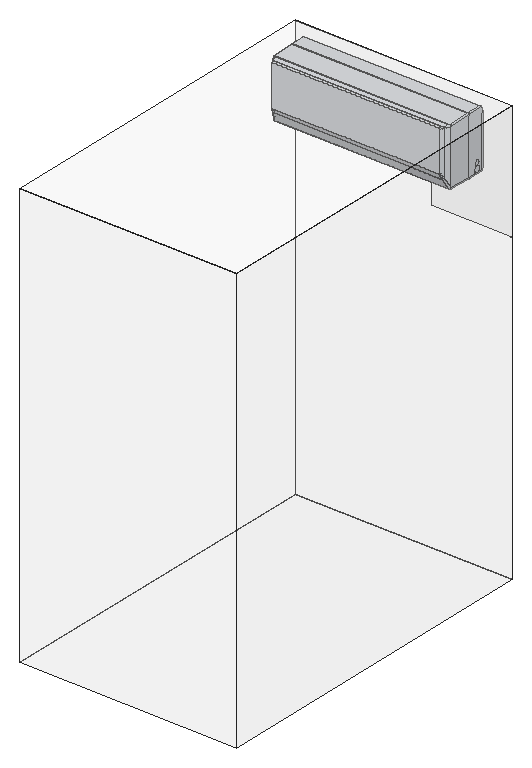
Revit family "pk-rp40_112(la)ka17_50Hz", category 機械設備, Revit 2019
Family settings
  丸型コネクタ寸法 = 直径を使用
  パーツ タイプ = 標準
  OmniClass 番号 = 23.75.10.24.21.27.27
  OmniClass タイトル = Split System Air Conditioning Units
  作業面ベース = いいえ
  常に垂直 = はい
  ロード時にボイドで切り取り = いいえ
  共有 = いいえ
  部屋計算ポイント = はい
Parameters (values of type "壁掛_PK-RP40LA")
  風量_静 (m3/min) = 6.8
  風量_強 (m3/min) = 10.7
  風量_弱 (m3/min) = 8.2
  風量_中 (m3/min) = 9.4
  風量 = MAX風量  # 642.0 m³/h
  音響パワーレベル（静）(dB) = 47
  音響パワーレベル（弱）(dB) = 51
  音響パワーレベル（中）(dB) = 54
  音響パワーレベル(dB) = 57
  電源種別 = ""
  電源_H = 0 mm
  電圧_電気ヒーター = 0 V
  電圧 = 200 V
  電動機出力_送風機 = 0.03 kW
  運転質量 = 0.00 kg
  連動 = ""
  質量 = if(製品質量 > 運転質量, 製品質量, 運転質量) * 1.2  # 15.00 kg
  負荷分類 = 3_ファン類
  構成品番 = "PK-RP40LA"
  壁掛_PK-RP80_112KA17 = no
  壁掛_PK-RP56_71KA17 = no
  壁掛_PK-RP40_50LA = yes
  冷媒液管位置-Z = 280 mm
  冷媒液管位置-Y = 35 mm
  冷媒液管位置-X = 711 mm
  冷媒ガス管位置-Z = 268 mm
  冷媒ガス管位置-Y = 35 mm
  冷媒ガス管位置-X = 642 mm
  ドレン管径 (外径) = 22 mm
  ドレン位置-Z = 245 mm
  ドレン位置-Y = 35 mm
  ドレン位置-X = 660 mm
  サービススペース PK-RP56KA～PK-RP71KA = no
  サービススペース PK-RP40LA～PK-RP50LA / PK-RP80KA～PK-RP112KA = yes
  URL = "https://www.mitsubishielectric.co.jp/ldg/wink/ssl/displayProduct.do?pid=311483"
  Space Top = 50 mm
  Space Right_1 = 260 mm
  Space Right = 150 mm
  Space Left = 50 mm
  Space Bot_2 = 250 mm
  Space Bot_1 = 7 mm
  MIN２風量 = [風量_静 (m3/min)] * 60.0 m³/h  # 408.0 m³/h
  MIN風量 = [風量_弱 (m3/min)] * 60.0 m³/h  # 492.0 m³/h
  MID風量 = [風量_中 (m3/min)] * 60.0 m³/h  # 564.0 m³/h
  MAX風量 = [風量_強 (m3/min)] * 60.0 m³/h  # 642.0 m³/h
  説明 = "店舗・事務所用パッケージエアコン(Mr.SLIM) 壁掛形<ワイヤード>"
  設計暖房能力 = 0.00 kW
  設計冷房能力_顕熱 = 0 kW
  設計冷房能力 = 0 kW
  設置方法 = "壁掛形"
  記号 = ""
  製造元 = "三菱電機株式会社"
  製品質量 = 12.50 kg
  製品出荷対象 = "国内"
  製品リリース年月 = "2021/05/10"
  製品グループ = ""
  系統 = ""
  符号 = "PAC_WR"
  積算_科目 = "1 空気調和設備"
  積算_拾い区分 [instance] = ""
  相 = 1
  盤記号 = ""
  発停方法 = "付属スイッチ"
  特殊仕様 = ""
  火災停止 = ""
  消費電力_電気ヒーター = 0.00 kW
  消費電力_暖房 = 0.03 kW
  消費電力_加湿器 = 0.00 kW
  消費電力_冷房 = 0.04 kW
  消費電力 = if(消費電力_冷房 > 消費電力_暖房, 消費電力_冷房, 消費電力_暖房) + 消費電力_加湿器 + 消費電力_電気ヒーター  # 0.04 kW
  法定耐用年数 = "6"
  極数 = 1
  材質 = ""
  本体マテリアル = none
  有効加湿量 = 0
  暖房能力 = 4.00 kW
  推奨ブレーカー容量 = 0 A
  形式_加湿器 = ""
  形式 = "壁掛（露出）形"
  幹線記号 = ""
  始動方式 = "直入"
  呼称 = "室内機_壁掛（露出）形"
  周波数 = 50 Hz
  吊り位置Y = 0 mm
  吊り位置X = 0 mm
  吊りボルト_H = 0 mm
  台数_手元リモコン = ""
  台数_冷媒分岐ユニット = ""
  参照している仕様書等のバージョン = "公共建築工事標準仕様書（機械設備工事編）平成31年度版"
  加湿給水管径 = 0.00 mm
  分類コード = "50053003123070"
  分類グループ = ""
  冷房能力 = 3.6 kW
  冷媒高低圧ガス管径 = 0.00 mm
  冷媒管径符号 = "Ac"
  冷媒管径 = 100.00 mm
  冷媒液管径 = 6.35 mm
  冷媒ガス管径 = 12.70 mm
  企業コード = "108420"
  付属品_フィルター = ""
  付属品 = ""
  仕様書バージョン = "Version1.0"
  Model = ""
  パネルマテリアル = none
  ドレン管径 = 16.00 mm
  サービススペース = yes
  コメント [instance] = ""
  ケーブル種類 = ""
  ケーブルサイズ = 0 mm
  Width = 898 mm
  Uniclass2015Version = "Systems v1.9"
  Uniclass2015Title = "Split coil remote air cooled condensing units"
  Uniclass2015Code = "Pr_70_65_03_84"
  SpecificationReference = ""
  SpecificationDescription = ""
  S_H = 356 mm
  Revision = ""
  ProductInformation = ""
  OmniClassCode = "23-33 17 13 11"
  IfcTypeProduct = ""
  IfcProduct = ""
  IfcExportType = "AIRCONDITIONINGUNIT"
  IfcExportAs = "IfcUnitaryEquipmentType"
  Height = 299 mm
  Depth = 237 mm
  価格 = 205000
  Clearance Top = 50 mm
  Clearance Right = 150 mm
  Clearance Left = 50 mm
  Clearance Front = 1500 mm
  Clearance Bottom = 1800 mm
  Clearance Back = 0 mm
  Author = "三菱電機株式会社"
Reference planes
  plane 1 "中心(正面/背面)": y = 0
  plane 2: z = 11
  plane 3 "中心(左/右)": x = 0
  plane 4: x = -449
  plane 5: x = 449
  plane 6: z = -288
  plane 7: y = -242
  plane 8: y = -5
  plane 9: x = -211
  plane 10: x = -193
  plane 11: x = -262
  plane 12: y = -40
  plane 13: y = -40
  plane 14: y = -40
  plane 15: z = -269
  plane 16: z = -257
  plane 17: z = -234
  plane 18: z = 61
  plane 19: x = -499
  plane 20: x = 599
  plane 21: z = -295
  plane 22: z = -538
  plane 23: x = 189
  plane 24: y = -1742
  plane 25: z = -2088
  plane 26: x = -499
  plane 27: x = 599
Forms (mm)
  Extrusion 1, solid
    sketch origin (-88.875, 0, -1713) x (-1, 0, 0) y (0, 0, 1)
      loop
        line (-487.875, 1574) -> (-487.875, 1549) -> (-462.875, 1549) -> (-462.875, 1574) -> (-487.875, 1574)
    from -1 to 0
  Extrusion 2, solid
    sketch origin (0, 0, 0) x (0, 1, 0) y (0, 0, 1)
      loop
        circle (-40, -234) r 11
    from 444 to 449
  Extrusion 3, solid
    sketch origin (0, 0, 0) x (0, 1, 0) y (0, 0, 1)
      loop
        circle (-40, -263) r 15
    from 444 to 449
Dimensions and locks
  equal spacing: plane 5, plane 3 "中心(左/右)", plane 4
  "Width": plane 5 to plane 4
  "Height": level to plane 6
  locked: plane 8 to plane 1 "中心(正面/背面)" at 5
  "Depth": plane 7 to plane 8
  "ドレン位置-X": plane 5 to plane 9
  "冷媒ガス管位置-X": plane 5 to plane 10
  "冷媒液管位置-X": plane 5 to plane 11
  "ドレン位置-Y": plane 14 to plane 8
  "冷媒ガス管位置-Y": plane 13 to plane 8
  "冷媒液管位置-Y": plane 12 to plane 8
  "ドレン位置-Z": level to plane 17
  "冷媒ガス管位置-Z": level to plane 16
  "冷媒液管位置-Z": level to plane 15
  "Space Top": plane 18 to level
  "Space Left": plane 4 to plane 19
  "Space Right": plane 20 to plane 5
  "Space Bot_1": plane 6 to plane 21
  "Space Bot_2": plane 6 to plane 22
  "Space Right_1": plane 5 to plane 23
  equal spacing: plane 16, Extrusion 3 sketch curve, plane 15
  equal spacing: plane 12, Extrusion 3 sketch curve, plane 13
  locked: plane 5 to Extrusion 3 at 5
  "Clearance Front": plane 24 to plane 7
  "Clearance Bottom": plane 6 to plane 25
  "Clearance Left": plane 4 to plane 26
  "Clearance Right": plane 27 to plane 5
  plane 5 to Extrusion 1 sketch curve = 50 mm
  nested 3 to Extrusion 1 sketch curve = 150 mm
  "S_H": nested 6 to plane 21
  "Clearance Top": nested 4 to plane 2
  "ドレン管径 (外径)": diameter of Extrusion 2 sketch curve
  aligned and locked: level to plane 2
  aligned and locked: plane 1 "中心(正面/背面)" to nested 1
  aligned and locked: plane 1 "中心(正面/背面)" to nested 2
  aligned and locked: plane 1 "中心(正面/背面)" to nested 3
  aligned and locked: level to nested 1
  aligned and locked: level to nested 3
  aligned and locked: plane 3 "中心(左/右)" to nested 2
  aligned and locked: plane 3 "中心(左/右)" to nested 1
  aligned and locked: plane 3 "中心(左/右)" to nested 3
  aligned and locked: plane 14 to Extrusion 2 sketch curve
  aligned and locked: plane 17 to Extrusion 2 sketch curve
  aligned and locked: plane 5 to Extrusion 3
  aligned and locked: plane 5 to Extrusion 2
  aligned and locked: Extrusion 2 to Extrusion 3
  aligned and locked: plane 1 "中心(正面/背面)" to nested 4
  aligned and locked: plane 24 to nested 4
  aligned and locked: plane 25 to nested 4
  aligned and locked: plane 26 to nested 4
  aligned and locked: plane 27 to nested 4
  aligned and locked: plane 18 to nested 4
  aligned and locked: plane 1 "中心(正面/背面)" to nested 5
  aligned and locked: plane 3 "中心(左/右)" to nested 5
  aligned and locked: plane 1 "中心(正面/背面)" to nested 6
  aligned and locked: plane 3 "中心(左/右)" to nested 6
  aligned and locked: plane 2 to nested 3
Automatic sketch dimensions
  Extrusion 1 sketch curve to plane 5 = 75 mm
  Extrusion 1 sketch curve to Extrusion 1 sketch curve = 25 mm
  radius of Extrusion 3 sketch curve = 15 mm
Nested families
  nested 1: "pk-rp40_50(la)ka17" at (0, 0, 10), type "壁掛_PK-RP40_50LA"
  nested 2: "pk-rp56_71(la)ka17" at (0, 0, 11), type "壁掛_PK-RP56_71KA17"
    with 壁掛_PK-RP56-71KA17 no
  nested 3: "pk-rp80_112(la)ka17" at (0, 0, 11), type "壁掛_PK-RP80_112KA17"
    with 壁掛_PK-RP80_112KA17 no, 冷媒液管径 6.35 mm, 冷媒ガス管径 12.70 mm
  nested 4: "サービススペース" at (50, -871, -1013.5), visible <- "サービススペース", type "サービススペース"
    with Width 1098 mm, Height 2149 mm, Depth 1742 mm
  nested 5: "Space View" at (0, 0, 11), Bot_1 <- "Space Bot_1", Bot_2 <- "Space Bot_2", Hight <- "Height", Left <- "Space Left", Right <- "Space Right", Right_1 <- "Space Right_1", Top <- "Space Top", Width <- "Width", Space View <- "サービススペース PK-RP40LA～PK-RP50LA / PK-RP80KA～PK-RP112KA", type "Space View"
    with Width 898 mm, Top 50 mm, Space View yes, Right_1 260 mm, Right 150 mm, Left 50 mm, Hight 299 mm, Bot_2 250 mm, Bot_1 7 mm
  nested 6: "Space View_1" at (0, 0, 11), Bot_1 <- "Space Bot_1", Hight <- "Height", Left <- "Space Left", Right <- "Space Right", Top <- "Space Top", Width <- "Width", Space View 1 <- "サービススペース PK-RP56KA～PK-RP71KA", type "Space View_1"
    with Width 898 mm, Top 50 mm, Space View 1 no, Right 150 mm, Left 50 mm, Hight 299 mm, Bot_1 7 mm
Connectors
  piping at (449, -40, -234), diameter 22, driven by "ドレン管径 (外径)"
    settings: on Extrusion 2, index 1, connector inside diameter 609.60 mm, connector length 0 mm, flow factor 0, pipe flow 0.0 L/s, pressure drop 0.0 Pa, fitting loss kfactor 0, connector angle 0.00°, fixture units 0, engagement length 0 mm, angle of deflection 0.00°, flow configuration 1, flow direction 2, fitting loss method 4, system type 16, joint type 0, gender type 0, connector reference index -1, connector utility 0, adjustable connector no, is connector primary yes, connector description ""
  piping at (449, -40, -263), diameter 100, driven by "冷媒管径", driven by "冷媒管径符号"
    settings: on Extrusion 3, index 2, connector inside diameter 609.60 mm, connector length 0 mm, flow factor 0, pipe flow 0.0 L/s, pressure drop 0.0 Pa, fitting loss kfactor 0, connector angle 0.00°, fixture units 0, engagement length 0 mm, angle of deflection 0.00°, flow configuration 1, flow direction 1, fitting loss method 4, system type 7, joint type 0, gender type 0, connector reference index -1, connector utility 0, adjustable connector no, is connector primary no, connector description "Ac"
  electrical at (386.5, 0, -151.5), driven by "極数", driven by "負荷分類", driven by "電圧", driven by "消費電力"
    settings: on Extrusion 1, index 3, voltage 200 V, apparent load 40 VA, apparent load phase1 0 VA, apparent load phase2 0 VA, apparent load phase3 0 VA, power factor 1, load classification "3_ファン類", number of poles 1, system type 30, power factor state 1, is connector primary yes, connector utility no, sub classification motor no, connector description ""
Definition of nested family "pk-rp40_50(la)ka17"
  Parameters (values of type "壁掛_PK-RP40_50LA")
    壁掛_PK-RP40_50LA = yes
    冷媒液管位置-Y = 35 mm
    冷媒液管位置-X = 711 mm
    冷媒ガス管位置-Y = 35 mm
    冷媒ガス管位置-X = 642 mm
    ドレン管径 (外径) = 22 mm
    ドレン位置-Y = 35 mm
    ドレン位置-X = 660 mm
    URL = ""
    Description = ""
    Manufacturer = ""
    冷媒管径符号 = "Ac"
    冷媒管径 = 100.00 mm
    冷媒液管位置-Z = 280 mm
    冷媒液管径 = 6.35 mm
    冷媒ガス管位置-Z = 268 mm
    冷媒ガス管径 = 12.70 mm
    Model = ""
    ドレン位置-Z = 245 mm
    ドレン管径 = 16.00 mm
    Width = 898 mm
    S_H = 356 mm
    Height = 299 mm
    Depth = 237 mm
    Cost = 0
  Reference planes
    plane 1 "中心(正面/背面)": y = 0
    plane 2: z = 1
    plane 3 "中心(左/右)": x = 0
    plane 4 "UNDER": z = -298
    plane 5 "Left": x = -449
    plane 6: x = 449
    plane 7 "Fkidasi_L": x = -400
    plane 8 "Fkidasi_X": x = -262
    plane 9 "Fkidasi_Y": x = -193
    plane 10: y = -5
    plane 11: y = -40
    plane 12: y = -242
    plane 13: z = -279
    plane 14: z = -267
    plane 15: z = -244
    plane 16: y = -40
    plane 17: y = -40
    plane 18: x = -211
    plane 19: z = 1
    plane 20: x = 0
    plane 21: x = 0
  Forms (mm)
    Extrusion 1, void
      sketch origin (0, 75, -2499) x (0, -1, 0) y (0, 0, 1)
        loop
          line (89, 2500) -> (80, 2500) -> (80, 2487) -> (89, 2500)
      from 449 to -449
    Extrusion 2, solid, visible <- "壁掛_PK-RP40_50LA"
      sketch origin (0, 0, -2509.072) x (-1, 0, 0) y (0, 0, 1)
        loop
          line (449, 2485.072) -> (-449, 2485.072) -> (-449, 2224.072) -> (449, 2224.072) -> (449, 2485.072)
      from 0 to -5
    Extrusion 3, solid, visible <- "壁掛_PK-RP40_50LA"
      sketch origin (0, -5, -2499) x (0, 0, -1) y (-1, 0, 0)
        loop
          line (-2500, 444) -> (-2500, -444)
          arc (-2500, -444) -> (-2498.536, -447.536) -> (-2495, -449) r 5
          line (-2495, -449) -> (-2206, -449)
          arc (-2206, -449) -> (-2202.464, -447.536) -> (-2201, -444) r 5
          line (-2201, -444) -> (-2201, 444)
          arc (-2201, 444) -> (-2202.464, 447.536) -> (-2206, 449) r 5
          line (-2206, 449) -> (-2495, 449)
          arc (-2495, 449) -> (-2498.536, 447.536) -> (-2500, 444) r 5
      from 0 to -83
    Blend 4, solid, visible <- "壁掛_PK-RP40_50LA"
      base sketch origin (0, -202, -1799) x (0, 0, 1) y (1, 0, 0)
        loop
          line (1796, -444) -> (1796, 444)
          arc (1796, 444) -> (1794.536, 447.536) -> (1791, 449) r 5
          line (1791, 449) -> (1515, 449)
          arc (1515, 449) -> (1508.636, 446.364) -> (1506, 440) r 9
          line (1506, 440) -> (1506, -440)
          arc (1506, -440) -> (1508.636, -446.364) -> (1515, -449) r 9
          line (1515, -449) -> (1791, -449)
          arc (1791, -449) -> (1794.536, -447.536) -> (1796, -444) r 5
      top sketch origin (0, -202, -1799) x (0, 0, 1) y (1, 0, 0)
        loop
          line (1793, -427) -> (1793, 427)
          arc (1793, 427) -> (1791.536, 430.536) -> (1788, 432) r 5
          line (1788, 432) -> (1559, 432)
          arc (1559, 432) -> (1555.464, 430.536) -> (1554, 427) r 5
          line (1554, 427) -> (1554, -427)
          arc (1554, -427) -> (1555.464, -430.536) -> (1559, -432) r 5
          line (1559, -432) -> (1788, -432)
          arc (1788, -432) -> (1791.536, -430.536) -> (1793, -427) r 5
      from 0 to -25
    Blend 5, solid, visible <- "壁掛_PK-RP40_50LA"
      base sketch origin (0, -227, -1799) x (0, 0, 1) y (1, 0, 0)
        loop
          arc (1793, 427) -> (1791.536, 430.536) -> (1788, 432) r 5
          line (1788, 432) -> (1559, 432)
          arc (1559, 432) -> (1555.464, 430.536) -> (1554, 427) r 5
          line (1554, 427) -> (1554, -427)
          arc (1554, -427) -> (1555.464, -430.536) -> (1559, -432) r 5
          line (1559, -432) -> (1788, -432)
          arc (1788, -432) -> (1791.536, -430.536) -> (1793, -427) r 5
          line (1793, -427) -> (1793, 427)
      top sketch origin (0, -227, -1799) x (0, 0, 1) y (1, 0, 0)
        loop
          line (1793, -419) -> (1793, 419)
          arc (1793, 419) -> (1791.536, 422.536) -> (1788, 424) r 5
          line (1788, 424) -> (1590, 424)
          arc (1590, 424) -> (1586.464, 422.536) -> (1585, 419) r 5
          line (1585, 419) -> (1585, -419)
          arc (1585, -419) -> (1586.464, -422.536) -> (1590, -424) r 5
          line (1590, -424) -> (1788, -424)
          arc (1788, -424) -> (1791.536, -422.536) -> (1793, -419) r 5
      from 0 to -15
    Blend 6, solid, visible <- "壁掛_PK-RP40_50LA"
      base sketch origin (62.5, -88, -1799) x (0, 0, 1) y (1, 0, 0)
        loop
          arc (1800, 381.5) -> (1798.536, 385.036) -> (1795, 386.5) r 5
          line (1795, 386.5) -> (1506, 386.5)
          arc (1506, 386.5) -> (1502.464, 385.036) -> (1501, 381.5) r 5
          line (1501, 381.5) -> (1501, -506.5)
          arc (1501, -506.5) -> (1502.464, -510.036) -> (1506, -511.5) r 5
          line (1506, -511.5) -> (1795, -511.5)
          arc (1795, -511.5) -> (1798.536, -510.036) -> (1800, -506.5) r 5
          line (1800, -506.5) -> (1800, 381.5)
      top sketch origin (62.5, -88, -1799) x (0, 0, 1) y (1, 0, 0)
        loop
          line (1796, -506.5) -> (1796, 381.5)
          arc (1796, 381.5) -> (1794.536, 385.036) -> (1791, 386.5) r 5
          line (1791, 386.5) -> (1511, 386.5)
          arc (1511, 386.5) -> (1507.464, 385.036) -> (1506, 381.5) r 5
          line (1506, 381.5) -> (1506, -502.5)
          arc (1506, -502.5) -> (1508.636, -508.864) -> (1515, -511.5) r 9
          line (1515, -511.5) -> (1791, -511.5)
          arc (1791, -511.5) -> (1794.536, -510.036) -> (1796, -506.5) r 5
      from 0 to -114
    Sweep 7, solid, visible <- "壁掛_PK-RP40_50LA", detail levels fine
      path origin (0, 75, -1799) x (-1, 0, 0) y (0, 0, 1)
        loop
          line (262, 1521) -> (-271, 1521)
      profile origin (4.5, 75, -278) x (0, 0, -1) y (0, 1, 0)
        loop
          circle (1, -115) r 3.175
    Sweep 8, solid, visible <- "壁掛_PK-RP40_50LA", detail levels fine
      path origin (0, 75, -1799) x (-1, 0, 0) y (0, 0, 1)
        loop
          line (-257, 1533) -> (193, 1533)
      profile origin (32, 75, -266) x (0, 0, 1) y (0, 1, 0)
        loop
          circle (-1, -115) r 6.35
    Sweep 9, solid, visible <- "壁掛_PK-RP40_50LA", detail levels fine
      path origin (0, 75, -1799) x (-1, 0, 0) y (0, 0, 1)
        loop
          line (211, 1556) -> (-289, 1556)
      profile origin (39, 75, -243) x (0, 0, -1) y (0, 1, 0)
        loop
          circle (1, -115) r 11
  Cuts and joins
    Extrusion 1 cuts Extrusion 3
  Lines and regions (mm)
    model lines, visible <- "壁掛_PK-RP40_50LA", detail levels fine
      curve 1: line (274, -5, -298) -> (274, -54, -298)
      curve 2: line (292, -72, -298) -> (331, -72, -298)
      curve 3: line (349, -54, -298) -> (349, -5, -298)
      curve 4: line (324, -54, -298) -> (324, -5, -298)
      curve 5: arc (292, -72, -298) -> (279.272, -66.728, -298) -> (274, -54, -298) r 18
      curve 6: arc (306, -72, -298) -> (318.728, -66.728, -298) -> (324, -54, -298) r 18
      curve 7: arc (331, -72, -298) -> (343.728, -66.728, -298) -> (349, -54, -298) r 18
      curve 8: line (-430, -5, -298) -> (-430, -54, -298)
      curve 9: line (-412, -72, -298) -> (-378, -72, -298)
      curve 10: line (-360, -54, -298) -> (-360, -5, -298)
      curve 11: line (-399.073, -53.123, -298) -> (-399.073, -5, -298)
      curve 12: arc (-412, -72, -298) -> (-424.728, -66.728, -298) -> (-430, -54, -298) r 18
      curve 13: arc (-399.073, -53.123, -298) -> (-394.55, -65.481, -298) -> (-383.118, -72, -298) r 19.145
      curve 14: arc (-360, -54, -298) -> (-365.272, -66.728, -298) -> (-378, -72, -298) r 18
      curve 15: line (366.5, -202, -293) -> (366.5, -208.929, -279.696)
      curve 16: line (366.5, -208.929, -279.696) -> (326.5, -208.929, -279.696)
      curve 17: line (326.5, -208.929, -279.696) -> (326.5, -202, -293)
      curve 18: line (326.5, -202, -293) -> (326.5, -188.513, -293.592)
      curve 19: line (326.5, -188.513, -293.592) -> (366.5, -188.513, -293.592)
      curve 20: line (366.5, -188.513, -293.592) -> (366.5, -202, -293)
      curve 21: line (449, -5, -229) -> (449, -52, -229)
      curve 22: line (449, -70, -247) -> (449, -70, -270)
      curve 23: line (449, -52, -288) -> (449, -5, -288)
      curve 24: line (449, -49.143, -241) -> (449, -5, -241)
      curve 25: arc (449, -52, -288) -> (449, -64.728, -282.728) -> (449, -70, -270) r 18
      curve 26: arc (449, -52, -229) -> (449, -64.728, -234.272) -> (449, -70, -247) r 18
      curve 27: arc (449, -70, -261.857) -> (449, -63.891, -247.109) -> (449, -49.143, -241) r 20.857
      curve 28: line (-449, -5, -288) -> (-449, -52, -288)
      curve 29: line (-449, -70, -270) -> (-449, -70, -236)
      curve 30: line (-449, -52, -218) -> (-449, -5, -218)
      curve 31: line (-449, -5, -238) -> (-449, -52, -238)
      curve 32: arc (-449, -52, -288) -> (-449, -64.728, -282.728) -> (-449, -70, -270) r 18
      curve 33: arc (-449, -70, -236) -> (-449, -64.728, -223.272) -> (-449, -52, -218) r 18
      curve 34: arc (-449, -70, -256) -> (-449, -64.728, -243.272) -> (-449, -52, -238) r 18
      curve 35: line (-400, -227, -245) -> (-400, -202, -293)
      curve 36: line (250, -227, -245) -> (250, -202, -293)
      curve 37: line (250, -202, -293) -> (250, -88, -298)
      curve 38: line (-400, -200.122, -293.082) -> (-400, -88, -298)
  Dimensions and locks
    "Width": plane 5 "Left" to plane 6
    plane 5 "Left" to plane 3 "中心(左/右)" to plane 6 = 449 mm, 449 mm
    equal spacing: plane 5 "Left", plane 3 "中心(左/右)", plane 6
    "Depth": plane 10 to plane 12
    "ドレン位置-Z": level to plane 15
    "冷媒ガス管位置-Z": level to plane 14
    "冷媒液管位置-Z": level to plane 13
    "Height": level to plane 4 "UNDER"
    "ドレン位置-Y": plane 10 to plane 17
    "冷媒ガス管位置-Y": plane 10 to plane 16
    "冷媒液管位置-Y": plane 10 to plane 11
    "冷媒液管位置-X": plane 6 to plane 8 "Fkidasi_X"
    "冷媒ガス管位置-X": plane 6 to plane 9 "Fkidasi_Y"
    "ドレン位置-X": plane 6 to plane 18
    locked: plane 10 to plane 1 "中心(正面/背面)" at 5
    "冷媒液管径": diameter of Sweep 7 sketch curve
    "冷媒ガス管径": diameter of Sweep 8 sketch curve
    "ドレン管径 (外径)": diameter of Sweep 9 sketch curve
    aligned and locked: level to plane 2
    aligned and locked: Sweep 8 to plane 9 "Fkidasi_Y"  (x2)
    aligned and locked: Sweep 7 to plane 8 "Fkidasi_X"
    aligned and locked: plane 12 to Blend 5
    aligned and locked: plane 15 to Sweep 9 sketch curve
    aligned and locked: plane 14 to Sweep 8 sketch curve
    aligned and locked: plane 13 to Sweep 7 sketch curve
    aligned and locked: plane 17 to Sweep 7 sketch curve
    aligned and locked: plane 16 to Sweep 8 sketch curve
    aligned and locked: plane 11 to Sweep 9 sketch curve
    aligned and locked: plane 20 to plane 3 "中心(左/右)"
    aligned and locked: plane 21 to plane 20
  Automatic sketch dimensions
    Extrusion 1 sketch curve to plane 10 = 0 mm
    Extrusion 1 sketch curve to plane 10 = 9 mm
    Extrusion 2 sketch curve to plane 6 = 0 mm
    plane 5 "Left" to Extrusion 2 sketch curve = 0 mm
    Extrusion 2 sketch curve to level = 286 mm
    Extrusion 3 sketch curve to plane 6 = 0 mm
    plane 5 "Left" to Extrusion 3 sketch curve = 0 mm
    Extrusion 3 sketch curve to level = 299 mm
    Extrusion 3 sketch curve to level = 294 mm  (x2)
    plane 5 "Left" to Blend 4 sketch curve = 0 mm
    Blend 4 sketch curve to plane 6 = 0 mm
    Blend 4 sketch curve to level = 294 mm
    Blend 4 sketch curve to Blend 4 sketch curve = 9 mm  (x2)
    Blend 4 sketch curve to plane 6 = 5 mm
    Blend 4 sketch curve to plane 6 = 22 mm
    Blend 4 sketch curve to level = 246 mm
    Blend 4 sketch curve to Blend 4 sketch curve = 5 mm  (x4)
    Blend 4 sketch curve to plane 5 "Left" = 22 mm
    Blend 5 sketch curve to level = 246 mm
    Blend 5 sketch curve to Blend 5 sketch curve = 5 mm  (x7)
    Blend 5 sketch curve to plane 5 "Left" = 17 mm
    Blend 5 sketch curve to plane 6 = 22 mm
    Blend 5 sketch curve to plane 7 "Fkidasi_L" = 19 mm
    Blend 5 sketch curve to level = 215 mm
    Blend 5 sketch curve to plane 6 = 30 mm
    Blend 6 sketch curve to level = 299 mm
    Blend 6 sketch curve to plane 6 = 0 mm  (x2)
    plane 5 "Left" to Blend 6 sketch curve = 0 mm  (x2)
    Blend 6 sketch curve to level = 294 mm  (x3)
    Blend 6 sketch curve to plane 6 = 5 mm  (x2)
    Blend 6 sketch curve to Blend 6 sketch curve = 9 mm
    curve 11 to Extrusion 3 = 0 mm
    curve 1 to Extrusion 3 = 0 mm
    curve 8 to Extrusion 3 = 0 mm
    curve 4 to Extrusion 3 = 0 mm
    curve 3 to Extrusion 3 = 0 mm
    curve 10 to Extrusion 3 = 0 mm
    curve 13 to Extrusion 3 = 34.877 mm
    curve 12 to curve 13 = 0.877 mm
    curve 10 to curve 13 = 0.877 mm
    curve 3 to Extrusion 3 = 34 mm
    curve 4 to curve 7 = 0 mm
    curve 9 to Extrusion 3 = 16 mm
    curve 2 to Extrusion 3 = 16 mm
    Extrusion 3 to curve 3 = 95 mm
    curve 7 to curve 4 = 7 mm
    curve 6 to curve 2 = 14 mm
    Extrusion 3 to curve 10 = 84 mm
    curve 14 to curve 13 = 1.927 mm
    curve 13 to curve 11 = 19.145 mm
    curve 13 to curve 12 = 12.927 mm
    curve 35 to Blend 4 = 0 mm
    Blend 4 to curve 35 = 0 mm
    Blend 4 to curve 36 = 0 mm
    curve 36 to Blend 4 = 0 mm
    curve 17 to Blend 4 = 0 mm
    curve 15 to Blend 4 = 0 mm
    Blend 4 to curve 17 = 15 mm
    curve 17 to Blend 4 = 106.857 mm
    curve 16 to curve 15 = 40 mm
    curve 36 to curve 17 = 76.5 mm
    curve 35 to curve 36 = 650 mm
    curve 38 to Blend 6 = 0 mm
    curve 37 to Blend 6 = 0 mm
    Blend 6 to curve 37 = 0 mm
    Blend 6 to curve 18 = 0 mm
    Blend 6 to curve 20 = 0 mm
    Blend 6 to curve 19 = 13.5 mm
    curve 19 to Blend 6 = 117.5 mm
    curve 18 to curve 19 = 40 mm
    curve 37 to curve 18 = 76.5 mm
    curve 38 to curve 37 = 650 mm
    Blend 6 to curve 38 = 1.879 mm
    curve 21 to Extrusion 3 = 0 mm
    curve 24 to Extrusion 3 = 0 mm
    curve 23 to Extrusion 3 = 0 mm
    curve 21 to curve 24 = 12 mm
    Extrusion 3 to curve 22 = 18 mm
    curve 24 to curve 22 = 6 mm
    curve 26 to curve 27 = 14.857 mm
    curve 27 to curve 25 = 8.143 mm
    curve 23 to Extrusion 3 = 5 mm
    curve 28 to Extrusion 3 = 0 mm
    curve 31 to Extrusion 3 = 0 mm
    curve 30 to Extrusion 3 = 0 mm
    curve 28 to Extrusion 3 = 5 mm
    curve 29 to Extrusion 3 = 23 mm
    curve 32 to curve 34 = 14 mm
    curve 34 to curve 31 = 18 mm
    curve 34 to curve 33 = 2 mm
    curve 33 to curve 30 = 18 mm
    Extrusion 3 to curve 32 = 36 mm
    Sweep 7 sketch curve to plane 8 "Fkidasi_X" = 0 mm
    Sweep 8 sketch curve to plane 9 "Fkidasi_Y" = 0 mm
    Sweep 9 sketch curve to plane 9 "Fkidasi_Y" = 18 mm
    Extrusion 1 sketch curve to level = 13 mm
    Extrusion 1 sketch curve to level = 0 mm
    Extrusion 2 sketch curve to level = 25 mm
    Extrusion 3 sketch curve to level = 5 mm  (x2)
    Extrusion 3 sketch curve to level = 0 mm
    Blend 4 sketch curve to level = 9 mm  (x2)
    Blend 4 sketch curve to level = 12 mm
    Blend 5 sketch curve to level = 12 mm  (x3)
    Blend 6 sketch curve to level = 5 mm  (x2)
    Blend 6 sketch curve to level = 0 mm
    Blend 6 sketch curve to level = 9 mm  (x2)
    plane 13 to Sweep 7 sketch curve = 1 mm
    plane 14 to Sweep 8 sketch curve = 1 mm
    plane 15 to Sweep 9 sketch curve = 1 mm
    curve 5 to curve 6 = 0 mm
    Sweep 7 sketch curve to plane 6 = 178 mm
    Sweep 8 sketch curve to plane 6 = 192 mm
    Sweep 9 sketch curve to plane 6 = 160 mm
    curve 22 to Extrusion 3 = 23 mm
Definition of nested family "サービススペース"
  Parameters (values of type "サービススペース")
    Width [instance] = 500 mm
    Height [instance] = 500 mm
    Depth [instance] = 500 mm
  Reference planes
    plane 1 "中心(正面/背面)": y = 0
    plane 2: z = 0
    plane 3 "中心(左/右)": x = 0
    plane 4: y = -250
    plane 5: x = 250
    plane 6: y = 250
    plane 7: x = -250
    plane 8: z = 250
    plane 9: z = -250
  Forms (mm)
    Extrusion 1, solid
      sketch origin (-638.939, 0, 72.39) x (1, 0, 0) y (0, 1, 0)
        loop
          line (388.939, 250) -> (388.939, -250) -> (888.939, -250) -> (888.939, 250) -> (388.939, 250)
      from -322.39 to 177.61
  Lines and regions (mm)
    symbolic lines
      curve 1: line (-250, 0, 250) -> (250, 0, 250)
      curve 2: line (-250, 0, -250) -> (-250, 0, 250)
      curve 3: line (250, 0, -250) -> (-250, 0, -250)
      curve 4: line (250, 0, 250) -> (250, 0, -250)
      curve 5: line (0, -250, 250) -> (0, 250, 250)
      curve 6: line (0, -250, -250) -> (0, -250, 250)
      curve 7: line (0, 250, -250) -> (0, -250, -250)
      curve 8: line (0, 250, 250) -> (0, 250, -250)
      curve 9: line (-250, 250, 0) -> (250, 250, 0)
      curve 10: line (-250, -250, 0) -> (-250, 250, 0)
      curve 11: line (250, -250, 0) -> (-250, -250, 0)
      curve 12: line (250, 250, 0) -> (250, -250, 0)
  Dimensions and locks
    equal spacing: plane 7, plane 3 "中心(左/右)", plane 5
    equal spacing: plane 4, plane 1 "中心(正面/背面)", plane 6
    "Depth": plane 4 to plane 6
    "Width": plane 7 to plane 5
    equal spacing: plane 8, plane 2, plane 9
    "Height": plane 8 to plane 9
    aligned and locked: plane 9 to curve 3
    aligned and locked: plane 7 to curve 2
    aligned and locked: curve 4 to plane 5
    aligned and locked: plane 5 to Extrusion 1
    aligned and locked: Extrusion 1 to plane 7
    aligned and locked: Extrusion 1 to plane 9
    aligned and locked: plane 8 to Extrusion 1
    aligned and locked: plane 9 to curve 7
  Automatic sketch dimensions
    plane 4 to Extrusion 1 sketch curve = 0 mm
    Extrusion 1 sketch curve to plane 7 = 0 mm
    Extrusion 1 sketch curve to plane 5 = 0 mm
    plane 6 to Extrusion 1 sketch curve = 0 mm
    curve 2 to plane 8 = 0 mm
    plane 4 to curve 11 = 0 mm
    curve 11 to plane 7 = 0 mm
    curve 11 to plane 5 = 0 mm
    plane 6 to curve 10 = 0 mm
    curve 7 to plane 4 = 0 mm
    curve 7 to plane 6 = 0 mm
    curve 6 to plane 8 = 0 mm
Definition of nested family "Space View"
  Parameters (values of type "Space View")
    Width [instance] = 898 mm
    Top [instance] = 50 mm
    Space View [instance] = yes
    Right_1 [instance] = 260 mm
    Right [instance] = 150 mm
    Left [instance] = 50 mm
    Hight [instance] = 299 mm
    Bot_2 [instance] = 250 mm
    Bot_1 [instance] = 7 mm
  Reference planes
    plane 1 "Center (Front/Back)": y = 0
    plane 2: z = 0
    plane 3 "Center (Left/Right)": x = 0
    plane 4: x = -499
    plane 5: z = 50
    plane 6: x = 599
    plane 7: z = -306
    plane 8: z = -549
    plane 9: x = -449
    plane 10: x = 449
    plane 11: z = -299
    plane 12: x = 189
  Forms (mm)
    Extrusion 1, solid, visible <- "Space View"
      sketch origin (0, 0, -1800) x (-1, 0, 0) y (0, 0, 1)
        loop
          line (499, 1850) -> (-599, 1850) -> (-599, 1251) -> (-189, 1251) -> (-189, 1494) -> (499, 1494) -> (499, 1850)
      from 0 to -1
  Dimensions and locks
    equal spacing: plane 10, plane 3 "Center (Left/Right)", plane 9
    "Width": plane 10 to plane 9
    "Right": plane 10 to plane 6
    "Left": plane 9 to plane 4
    "Hight": level to plane 11
    "Bot_1": plane 11 to plane 7
    "Bot_2": plane 11 to plane 8
    "Top": plane 5 to level
    "Right_1": plane 12 to plane 10
    aligned and locked: level to plane 2
    aligned and locked: Extrusion 1 to plane 4
    aligned and locked: plane 5 to Extrusion 1
    aligned and locked: plane 6 to Extrusion 1
    aligned and locked: plane 7 to Extrusion 1
    aligned and locked: plane 8 to Extrusion 1
    aligned and locked: plane 5 to Extrusion 1 sketch curve
    aligned and locked: Extrusion 1 sketch curve to plane 4
    aligned and locked: Extrusion 1 sketch curve to plane 7
    aligned and locked: Extrusion 1 sketch curve to plane 8
    aligned and locked: Extrusion 1 sketch curve to plane 6
    aligned and locked: plane 12 to Extrusion 1
  Automatic sketch dimensions
    plane 10 to Extrusion 1 sketch curve = 260 mm
Definition of nested family "pk-rp56_71(la)ka17"
  Parameters (values of type "壁掛_PK-RP56_71KA17")
    壁掛_PK-RP56-71KA17 = yes
    冷媒液管位置-Z = 250 mm
    冷媒液管位置-Y = 25 mm
    冷媒液管位置-X = 673 mm
    冷媒ガス管位置-Z = 270 mm
    冷媒ガス管位置-Y = 25 mm
    冷媒ガス管位置-X = 603 mm
    ドレン管径 (外径) = 22 mm
    ドレン位置-Z = 300 mm
    ドレン位置-Y = 25 mm
    ドレン位置-X = 733 mm
    URL = ""
    Description = ""
    Manufacturer = ""
    冷媒管径符号 = "Ac"
    冷媒管径 = 100.00 mm
    冷媒液管径 = 6.35 mm
    冷媒ガス管径 = 12.70 mm
    Model = ""
    ドレン管径 = 16.00 mm
    Width = 1100 mm
    S_H = 404 mm
    Height = 325 mm
    Depth = 258 mm
    Cost = 0
  Reference planes
    plane 1 "中心(正面/背面)": y = 0
    plane 2: z = 0
    plane 3 "中心(左/右)": x = 0
    plane 4 "TOP": z = 0
    plane 5 "UNDER": z = -325
    plane 6 "Left": x = -550
    plane 7: x = 550
    plane 8 "Fkidasi_V": z = -332
    plane 9 "Fkidasi_Z": z = -300
    plane 10 "Fkidasi_AA": z = -270
    plane 11 "Fkidasi_BB": z = -250
    plane 12: x = 377
    plane 13 "Fkidasi_CC": x = -183
    plane 14 "Fkidasi_DD": x = -123
    plane 15 "Fkidasi_EE": x = -53
    plane 16: y = -5
    plane 17: y = -263
    plane 18: y = -30
    plane 19: y = -30
    plane 20: y = -30
    plane 21: z = 0
    plane 22: x = 0
  Forms (mm)
    Sweep 1, solid, visible <- "壁掛_PK-RP56-71KA17", detail levels fine
      path origin (0, 85, -1776) x (-1, 0, 0) y (0, 0, 1)
        loop
          line (-377, 1506) -> (53, 1506)
      profile origin (162, 85, -270) x (0, 0, 1) y (0, 1, 0)
        loop
          circle (0, -115) r 6.35
    Sweep 2, solid, visible <- "壁掛_PK-RP56-71KA17", detail levels fine
      path origin (0, 85, -1744) x (-1, 0, 0) y (0, 0, 1)
        loop
          line (123, 1494) -> (-377, 1494)
      profile origin (127, 85, -250) x (0, 0, -1) y (0, 1, 0)
        loop
          circle (0, -115) r 3.175
    Sweep 3, solid, visible <- "壁掛_PK-RP56-71KA17", detail levels fine
      path origin (0, 75, -1850) x (-1, 0, 0) y (0, -1, 0)
        loop
          line (183, 105) -> (-377, 105)
      profile origin (97, -30, -1850) x (0, 1, 0) y (0, 0, 1)
        loop
          circle (0, 1550) r 11
    Extrusion 4, solid, visible <- "壁掛_PK-RP56-71KA17"
      sketch origin (-572, -4.93, 72) x (0, 0, -1) y (0, -1, 0)
        loop
          arc (72, 6.933) -> (72.338, 5.549) -> (73.277, 4.477) r 3
          line (73.277, 4.477) -> (78.269, 0.976)
          arc (78.269, 0.976) -> (79.634, 0.302) -> (81.14, 0.07) r 5
          line (81.14, 0.07) -> (93.863, 0.07) -> (93.863, -3.73)
          arc (93.863, -3.73) -> (94.214, -4.579) -> (95.063, -4.93) r 1.2
          line (95.063, -4.93) -> (382.983, -4.93)
          arc (382.983, -4.93) -> (383.752, -4.777) -> (384.402, -4.34) r 2
          line (384.402, -4.34) -> (391.687, 2.995) -> (393.576, 2.486) -> (396.064, 2.486) -> (396.064, 74.487) -> (397, 74.487) -> (396.249, 96.275)
          arc (396.249, 96.275) -> (386.433, 144.686) -> (361.405, 187.272) r 149.804
          arc (361.405, 187.272) -> (360.715, 187.808) -> (359.863, 187.999) r 2
          line (359.863, 187.999) -> (351.218, 187.999) -> (351.218, 189.494) -> (358.547, 189.494)
          arc (358.547, 189.494) -> (359.077, 189.813) -> (359.045, 190.43) r 0.6
          arc (359.045, 190.43) -> (356.535, 194.254) -> (354.116, 198.136) r 193.914
          arc (354.116, 198.136) -> (346.059, 210.496) -> (337.22, 222.309) r 228.274
          line (337.22, 222.309) -> (330.325, 231.46)
          arc (330.325, 231.46) -> (329.848, 231.872) -> (329.245, 232.052) r 1.5
          arc (329.245, 232.052) -> (268.628, 247.266) -> (206.817, 256.492) r 639.712
          arc (206.817, 256.492) -> (187.622, 257.823) -> (168.382, 258) r 320.323
          arc (168.382, 258) -> (152.854, 257.385) -> (137.36, 256.189) r 414.965
          arc (137.36, 256.189) -> (135.749, 255.382) -> (135.1, 253.701) r 2.5
          line (135.1, 253.701) -> (135.1, 238.591) -> (133.187, 234.008)
          arc (133.187, 234.008) -> (111.703, 220.588) -> (95.132, 201.429) r 84.941
          arc (95.132, 201.429) -> (91.762, 195.916) -> (88.556, 190.306) r 219.053
          arc (88.556, 190.306) -> (88.564, 189.763) -> (89.035, 189.494) r 0.547
          line (89.035, 189.494) -> (93.338, 189.494) -> (92.464, 187.999) -> (86.86, 187.999)
          arc (86.86, 187.999) -> (86.322, 187.842) -> (85.953, 187.421) r 1
          arc (85.953, 187.421) -> (81.274, 174.893) -> (78.608, 161.789) r 85.448
          arc (78.608, 161.789) -> (73.655, 125.49) -> (72, 88.891) r 405.418
          line (72, 88.891) -> (72, 6.933)
      from -1122 to -22
  Lines and regions (mm)
    model lines, visible <- "壁掛_PK-RP56-71KA17", detail levels fine
      curve 1: line (550, -79.418, -324.064) -> (550, -79.418, 0)
      curve 2: line (550, 0, -241.868) -> (550, -79.418, -241.868)
      curve 3: line (550, 0, -243.128) -> (550, -64.595, -243.128)
      curve 4: line (550, -72.595, -251.128) -> (550, -72.595, -311.603)
      curve 5: line (550, -64.595, -319.603) -> (550, -7.841, -319.603)
      curve 6: arc (550, -64.595, -243.128) -> (550, -70.251, -245.471) -> (550, -72.595, -251.128) r 8
      curve 7: arc (550, -72.595, -311.603) -> (550, -70.251, -317.26) -> (550, -64.595, -319.603) r 8
      curve 8: line (-550, -79.418, -324.064) -> (-550, -79.418, 0)
      curve 9: line (-550, 0, -241.868) -> (-550, -79.418, -241.868)
      curve 10: line (-550, 0, -243.128) -> (-550, -64.595, -243.128)
      curve 11: line (-550, -72.595, -251.128) -> (-550, -72.595, -311.603)
      curve 12: line (-550, -64.595, -319.603) -> (-550, -7.841, -319.603)
      curve 13: arc (-550, -64.595, -243.128) -> (-550, -70.251, -245.471) -> (-550, -72.595, -251.128) r 8
      curve 14: arc (-550, -72.595, -311.603) -> (-550, -70.251, -317.26) -> (-550, -64.595, -319.603) r 8
  Dimensions and locks
    equal spacing: plane 7, plane 3 "中心(左/右)", plane 6 "Left"
    "Width": plane 6 "Left" to plane 7
    "Height": plane 5 "UNDER" to plane 4 "TOP"
    plane 8 "Fkidasi_V" to plane 5 "UNDER" = 7 mm
    plane 12 to plane 7 = 173 mm
    plane 12 to plane 13 "Fkidasi_CC" = 560 mm
    "冷媒液管位置-Z": plane 4 "TOP" to plane 11 "Fkidasi_BB"
    "冷媒ガス管位置-Z": plane 4 "TOP" to plane 10 "Fkidasi_AA"
    "ドレン位置-Z": plane 4 "TOP" to plane 9 "Fkidasi_Z"
    equal spacing: plane 6 "Left", plane 3 "中心(左/右)", plane 7
    plane 5 "UNDER" to plane 8 "Fkidasi_V" = 7 mm
    locked: plane 16 to plane 1 "中心(正面/背面)" at 5
    "Depth": plane 17 to plane 16
    "ドレン位置-Y": plane 18 to plane 16
    "冷媒ガス管位置-Y": plane 19 to plane 16
    "冷媒液管位置-Y": plane 20 to plane 16
    "冷媒ガス管位置-X": plane 7 to plane 15 "Fkidasi_EE"
    "冷媒液管位置-X": plane 7 to plane 14 "Fkidasi_DD"
    "ドレン位置-X": plane 7 to plane 13 "Fkidasi_CC"
    "冷媒ガス管径": diameter of Sweep 1 sketch curve
    "冷媒液管径": diameter of Sweep 2 sketch curve
    "ドレン管径 (外径)": diameter of Sweep 3 sketch curve
    aligned and locked: level to plane 2
    aligned and locked: plane 15 "Fkidasi_EE" to Sweep 1 sketch curve
    aligned and locked: plane 9 "Fkidasi_Z" to Sweep 3 sketch curve
    aligned and locked: plane 10 "Fkidasi_AA" to Sweep 1 sketch curve
    aligned and locked: plane 11 "Fkidasi_BB" to Sweep 2 sketch curve
    aligned and locked: plane 18 to Sweep 1 sketch curve
    aligned and locked: plane 19 to Sweep 2 sketch curve
    aligned and locked: plane 20 to Sweep 3 sketch curve
    aligned and locked: Sweep 2 to plane 14 "Fkidasi_DD"
    aligned and locked: Sweep 3 to plane 13 "Fkidasi_CC"
    aligned and locked: plane 15 "Fkidasi_EE" to Sweep 1
    aligned and locked: plane 22 to plane 3 "中心(左/右)"
  Automatic sketch dimensions
    Sweep 1 sketch curve to plane 10 "Fkidasi_AA" = 0 mm
    Sweep 1 sketch curve to plane 12 = 0 mm
    Sweep 2 sketch curve to plane 11 "Fkidasi_BB" = 0 mm
    Sweep 2 sketch curve to plane 12 = 0 mm
    plane 14 "Fkidasi_DD" to Sweep 2 sketch curve = 0 mm
    Sweep 3 sketch curve to plane 12 = 0 mm
    Sweep 3 sketch curve to plane 13 "Fkidasi_CC" = 0 mm
    Extrusion 4 sketch curve to Extrusion 4 sketch curve = 1.277 mm
    Extrusion 4 sketch curve to Extrusion 4 sketch curve = 4.991 mm
    Extrusion 4 sketch curve to Extrusion 4 sketch curve = 2.871 mm
    Extrusion 4 sketch curve to Extrusion 4 sketch curve = 2.175 mm
    Extrusion 4 sketch curve to Extrusion 4 sketch curve = 3.429 mm
    Extrusion 4 sketch curve to Extrusion 4 sketch curve = 0.874 mm
    Extrusion 4 sketch curve to Extrusion 4 sketch curve = 12.723 mm
    Extrusion 4 sketch curve to Extrusion 4 sketch curve = 1.2 mm
    Extrusion 4 sketch curve to Extrusion 4 sketch curve = 39.849 mm
    Extrusion 4 sketch curve to Extrusion 4 sketch curve = 1.913 mm
    Extrusion 4 sketch curve to Extrusion 4 sketch curve = 2.5 mm
    Extrusion 4 sketch curve to Extrusion 4 sketch curve = 86.959 mm
    Extrusion 4 sketch curve to Extrusion 4 sketch curve = 4.457 mm
    Extrusion 4 sketch curve to Extrusion 4 sketch curve = 3.528 mm
    Extrusion 4 sketch curve to Extrusion 4 sketch curve = 79.998 mm
    Extrusion 4 sketch curve to Extrusion 4 sketch curve = 1.973 mm
    Extrusion 4 sketch curve to Extrusion 4 sketch curve = 87.575 mm
    Extrusion 4 sketch curve to Extrusion 4 sketch curve = 33.791 mm
    Extrusion 4 sketch curve to Extrusion 4 sketch curve = 1.198 mm
    Extrusion 4 sketch curve to Extrusion 4 sketch curve = 6.896 mm
    Extrusion 4 sketch curve to Extrusion 4 sketch curve = 13.997 mm
    Extrusion 4 sketch curve to Extrusion 4 sketch curve = 7.329 mm
    Extrusion 4 sketch curve to Extrusion 4 sketch curve = 1.315 mm
    Extrusion 4 sketch curve to Extrusion 4 sketch curve = 7.285 mm
    Extrusion 4 sketch curve to Extrusion 4 sketch curve = 1.888 mm
    Extrusion 4 sketch curve to Extrusion 4 sketch curve = 2.489 mm
    Extrusion 4 sketch curve to Extrusion 4 sketch curve = 0.936 mm
    Extrusion 4 sketch curve to Extrusion 4 sketch curve = 94.621 mm
    Extrusion 4 sketch curve to Extrusion 4 sketch curve = 223.194 mm
    Extrusion 4 sketch curve to Extrusion 4 sketch curve = 3.8 mm
    Extrusion 4 sketch curve to Extrusion 4 sketch curve = 71.493 mm
    Extrusion 4 sketch curve to Extrusion 4 sketch curve = 81.958 mm
    Extrusion 4 sketch curve to Extrusion 4 sketch curve = 6.682 mm
    Extrusion 4 sketch curve to Extrusion 4 sketch curve = 21.787 mm
    Extrusion 4 sketch curve to Extrusion 4 sketch curve = 71.636 mm
    Extrusion 4 sketch curve to Extrusion 4 sketch curve = 4.708 mm
    Extrusion 4 sketch curve to Extrusion 4 sketch curve = 89.724 mm
    Extrusion 4 sketch curve to Extrusion 4 sketch curve = 35.644 mm
    Extrusion 4 sketch curve to Extrusion 4 sketch curve = 2 mm
    Extrusion 4 sketch curve to Extrusion 4 sketch curve = 1 mm
    Extrusion 4 sketch curve to Extrusion 4 sketch curve = 1.496 mm  (x2)
    Extrusion 4 sketch curve to Extrusion 4 sketch curve = 0.547 mm
    Extrusion 4 sketch curve to Extrusion 4 sketch curve = 0.6 mm
    Extrusion 4 sketch curve to Extrusion 4 sketch curve = 32.814 mm
    Extrusion 4 sketch curve to Extrusion 4 sketch curve = 8.248 mm
    Extrusion 4 sketch curve to Extrusion 4 sketch curve = 0.903 mm
    Extrusion 4 sketch curve to Extrusion 4 sketch curve = 44.514 mm
    Extrusion 4 sketch curve to Extrusion 4 sketch curve = 4.583 mm
    Extrusion 4 sketch curve to Extrusion 4 sketch curve = 15.11 mm
    Extrusion 4 sketch curve to Extrusion 4 sketch curve = 111.458 mm
    Extrusion 4 sketch curve to Extrusion 4 sketch curve = 8.252 mm
    Extrusion 4 sketch curve to Extrusion 4 sketch curve = 0 mm  (x5)
    curve 1 to Extrusion 4 = 0 mm  (x2)
    Extrusion 4 to curve 1 = 0 mm
    curve 2 to Extrusion 4 = 0 mm
    curve 3 to Extrusion 4 = 0 mm
    curve 5 to Extrusion 4 = 0 mm
    curve 3 to Extrusion 4 = 14.823 mm
    Extrusion 4 to curve 3 = 36.09 mm
    curve 4 to Extrusion 4 = 6.823 mm
    Extrusion 4 to curve 4 = 12.461 mm
    Extrusion 4 to curve 5 = 4.461 mm
    curve 2 to curve 3 = 1.26 mm
    curve 8 to Extrusion 4 = 0 mm
    curve 9 to Extrusion 4 = 0 mm  (x2)
    curve 10 to Extrusion 4 = 0 mm
    Extrusion 4 to curve 12 = 0 mm
    Extrusion 4 to curve 8 = 0 mm
    Extrusion 4 to curve 10 = 14.823 mm
    curve 10 to Extrusion 4 = 36.09 mm
    Extrusion 4 to curve 11 = 6.823 mm
    curve 11 to Extrusion 4 = 12.461 mm
    curve 12 to Extrusion 4 = 4.461 mm
    curve 9 to curve 10 = 1.26 mm
    Extrusion 4 sketch curve to level = 0 mm
    Extrusion 4 sketch curve to Extrusion 4 sketch curve = 3 mm
    Extrusion 4 sketch curve to level = 14.86 mm
    Extrusion 4 sketch curve to level = 71.398 mm
    Extrusion 4 sketch curve to plane 11 "Fkidasi_BB" = 7.127 mm
    plane 1 "中心(正面/背面)" to Extrusion 4 sketch curve = 2 mm
    plane 5 "UNDER" to Extrusion 4 sketch curve = 14.017 mm
    plane 1 "中心(正面/背面)" to Extrusion 4 sketch curve = 0.591 mm
    Extrusion 4 sketch curve to Extrusion 4 sketch curve = 1.419 mm
    plane 5 "UNDER" to Extrusion 4 sketch curve = 0.751 mm
    Extrusion 4 sketch curve to plane 8 "Fkidasi_V" = 73.418 mm
    Extrusion 4 sketch curve to plane 8 "Fkidasi_V" = 115.898 mm
    Extrusion 4 sketch curve to plane 1 "中心(正面/背面)" = 57.323 mm
    plane 1 "中心(正面/背面)" to Extrusion 4 sketch curve = 7.416 mm
    Extrusion 4 sketch curve to Extrusion 4 sketch curve = 0.509 mm
    Extrusion 4 sketch curve to Extrusion 4 sketch curve = 0.906 mm
    Extrusion 4 sketch curve to Extrusion 4 sketch curve = 3.501 mm
    plane 1 "中心(正面/背面)" to Extrusion 4 sketch curve = 84.649 mm
    plane 1 "中心(正面/背面)" to Extrusion 4 sketch curve = 89.365 mm
    plane 16 to Sweep 3 sketch curve = 25 mm
Definition of nested family "pk-rp80_112(la)ka17"
  Parameters (values of type "壁掛_PK-RP80_112KA17")
    壁掛_PK-RP80_112KA17 = yes
    冷媒液管位置-Z = 312 mm
    冷媒液管位置-Y = 30 mm
    冷媒液管位置-X = 636 mm
    冷媒ガス管位置-Z = 333 mm
    冷媒ガス管位置-Y = 25 mm
    冷媒ガス管位置-X = 567 mm
    ドレン管径 (外径) = 22 mm
    ドレン位置-Z = 347 mm
    ドレン位置-Y = 61 mm
    ドレン位置-X = 719 mm
    URL = ""
    Space View = yes
    Description = ""
    Manufacturer = ""
    冷媒管径符号 = "Bd"
    冷媒管径 = 100.00 mm
    冷媒液管径 = 9.52 mm
    冷媒ガス管径 = 15.88 mm
    Model = ""
    ドレン管径 = 16.00 mm
    Width = 1170 mm
    S_H = 356 mm
    Height = 365 mm
    Depth = 295 mm
    Cost = 0
  Reference planes
    plane 1 "中心(正面/背面)": y = 0
    plane 2: z = -365
    plane 3 "中心(左/右)": x = 0
    plane 4: y = -300
    plane 5 "TOP": z = 0
    plane 6 "UNDER": z = -365
    plane 7 "Left": x = -585
    plane 8: x = 585
    plane 9 "Fkidasi_W": x = 365
    plane 10 "Fkidasi_Z": z = -312
    plane 11 "Fkidasi_AA": z = -347
    plane 12 "Fkidasi_BB": z = -333
    plane 13 "Fkidasi_CC": x = 451
    plane 14 "Fkidasi_DD": x = -134
    plane 15 "Fkidasi_EE": x = 462
    plane 16 "Fkidasi_FF": x = 18
    plane 17 "Fkidasi_GG": x = -51
    plane 18 "Fkidasi_HH": x = 431
    plane 19: y = -5
    plane 20: y = -66
    plane 21: y = -30
    plane 22: y = -35
    plane 23: z = 0
    plane 24: x = 0
  Forms (mm)
    Extrusion 1, solid, visible <- "壁掛_PK-RP80_112KA17"
      sketch origin (0, 75, -2171.263) x (0, -1, 0) y (0, 0, 1)
        loop
          line (86.097, 2171.263) -> (83.331, 2165.477) -> (82.548, 2163.848) -> (80.491, 2159.56)
          arc (80.491, 2159.56) -> (80.124, 2158.506) -> (80, 2157.398) r 5
          line (80, 2157.398) -> (80, 2149.317) -> (76.612, 2149.317)
          arc (76.612, 2149.317) -> (75.472, 2148.844) -> (75, 2147.705) r 1.612
          line (75, 2147.705) -> (75, 1905.143) -> (75, 1848.295) -> (75, 1813.941)
          arc (75, 1813.941) -> (75.266, 1812.881) -> (76, 1812.073) r 2.245
          line (76, 1812.073) -> (80, 1809.442) -> (80, 1806.263) -> (109.248, 1806.263) -> (116.539, 1806.263) -> (126.266, 1806.263) -> (144.693, 1806.263) -> (146.251, 1806.048) -> (161.563, 1806.578)
          arc (161.563, 1806.578) -> (252.704, 1817.292) -> (339.762, 1846.314) r 448.951
          line (339.762, 1846.314) -> (339.762, 1855.201)
          arc (339.762, 1855.201) -> (340.231, 1856.488) -> (341.418, 1857.17) r 1.996
          line (341.418, 1857.17) -> (343.962, 1857.609) -> (343.962, 1860.233) -> (344.79, 1860.415) -> (344.79, 1858.589) -> (348.32, 1856.594) -> (359.447, 1859.05) -> (360.333, 1859.502) -> (375, 1879.225) -> (375, 2123.862) -> (374.019, 2124.843) -> (359.92, 2125.334) -> (348.32, 2125.734) -> (346.812, 2124.612) -> (346.812, 2121.6)
          arc (346.812, 2121.6) -> (345.546, 2122.291) -> (344.529, 2123.312) r 5.03
          line (344.529, 2123.312) -> (339.959, 2129.454) -> (339.409, 2130.888)
          arc (339.409, 2130.888) -> (247.501, 2161.202) -> (151.269, 2171.46) r 456.5
          line (151.269, 2171.46) -> (148.356, 2171.46) -> (146.253, 2171.46) -> (144.742, 2171.263) -> (126.266, 2171.263) -> (116.539, 2171.263) -> (109.248, 2171.263) -> (97.013, 2171.263) -> (86.097, 2171.263)
      from -585 to 585
    Extrusion 2, solid, visible <- "壁掛_PK-RP80_112KA17", detail levels fine
      sketch origin (451, 111, -2165.198) x (0, 0, -1) y (0, -1, 0)
        loop
          circle (-1818.198, 177) r 11
      from 0 to 585
    Extrusion 3, solid, visible <- "壁掛_PK-RP80_112KA17", detail levels fine
      sketch origin (431, 80, -2140.198) x (0, 0, -1) y (0, -1, 0)
        loop
          circle (-1828.198, 115) r 4.76
      from 0 to 482
    Extrusion 4, solid, visible <- "壁掛_PK-RP80_112KA17", detail levels fine
      sketch origin (462, 75, -2149.198) x (0, 0, -1) y (0, -1, 0)
        loop
          circle (-1816.198, 105) r 7.94
      from 0 to 444
  Lines and regions (mm)
    model lines, visible <- "壁掛_PK-RP80_112KA17", detail levels fine
      curve 1: line (-585, 0, -280.2) -> (-585, -62, -280.2)
      curve 2: line (-585, 0, -357.2) -> (-585, -62, -357.2)
      curve 3: line (-585, -70, -288.2) -> (-585, -70, -349.2)
      curve 4: arc (-585, -62, -280.2) -> (-585, -67.657, -282.543) -> (-585, -70, -288.2) r 8
      curve 5: arc (-585, -62, -357.2) -> (-585, -67.657, -354.857) -> (-585, -70, -349.2) r 8
      curve 6: line (-585, 0, -290.2) -> (-585, -62, -290.2)
      curve 7: arc (-585, -62, -290.2) -> (-585, -66.969, -291.833) -> (-585, -70, -296.095) r 8.376
      curve 8: line (565, -5, -365) -> (565, -62, -365)
      curve 9: line (557, -70, -365) -> (502.618, -70, -365)
      curve 10: line (488, -35.714, -365) -> (488, -5, -365)
      curve 11: arc (565, -62, -365) -> (562.657, -67.657, -365) -> (557, -70, -365) r 8
      curve 12: arc (522.286, -70, -365) -> (498.042, -59.958, -365) -> (488, -35.714, -365) r 34.286
      curve 13: line (478, -37.522, -365) -> (478, -5, -365)
      curve 14: arc (502.618, -70, -365) -> (484.85, -57.899, -365) -> (478, -37.522, -365) r 33.733
      curve 15: line (-565, -5, -365) -> (-565, -62, -365)
      curve 16: line (-557, -70, -365) -> (-513.614, -70, -365)
      curve 17: line (-499, -35.714, -365) -> (-499, -5, -365)
      curve 18: arc (-565, -62, -365) -> (-562.657, -67.657, -365) -> (-557, -70, -365) r 8
      curve 19: arc (-533.286, -70, -365) -> (-509.042, -59.958, -365) -> (-499, -35.714, -365) r 34.286
      curve 20: line (-488, -37.282, -365) -> (-488, -5, -365)
      curve 21: arc (-513.614, -70, -365) -> (-495.165, -58.058, -365) -> (-488, -37.282, -365) r 33.703
      curve 22: line (585, -115, -363.295) -> (585, -115, -1.664)
      curve 23: line (585, -115, -240.2) -> (585, -1, -240.2)
      curve 24: line (-585, -115, -240.2) -> (-585, -1, -240.2)
      curve 25: line (585, 0, -280.2) -> (585, -62, -280.2)
      curve 26: line (585, 0, -357.2) -> (585, -62, -357.2)
      curve 27: line (585, -70, -288.2) -> (585, -70, -349.2)
      curve 28: arc (585, -62, -280.2) -> (585, -67.657, -282.543) -> (585, -70, -288.2) r 8
      curve 29: arc (585, -62, -357.2) -> (585, -67.657, -354.857) -> (585, -70, -349.2) r 8
      curve 30: line (585, 0, -290.2) -> (585, -62, -290.2)
      curve 31: arc (585, -62, -290.2) -> (585, -66.969, -291.833) -> (585, -70, -296.095) r 8.376
      curve 32: line (-585, -115, -363.295) -> (-585, -115, -1.664)
  Dimensions and locks
    plane 8 to plane 13 "Fkidasi_CC" = 134 mm
    plane 8 to plane 18 "Fkidasi_HH" = 154 mm
    plane 8 to plane 15 "Fkidasi_EE" = 123 mm
    "Height": plane 6 "UNDER" to plane 5 "TOP"
    equal spacing: plane 7 "Left", plane 3 "中心(左/右)", plane 8
    "Width": plane 7 "Left" to plane 8
    "冷媒液管位置-Z": plane 5 "TOP" to plane 10 "Fkidasi_Z"
    "冷媒ガス管位置-Z": plane 5 "TOP" to plane 12 "Fkidasi_BB"
    "ドレン位置-Z": plane 5 "TOP" to plane 11 "Fkidasi_AA"
    plane 19 to plane 1 "中心(正面/背面)" = 5 mm
    plane 7 "Left" to plane 3 "中心(左/右)" to plane 8 = 585 mm, 585 mm
    plane 1 "中心(正面/背面)" to plane 20 = 66 mm
    plane 1 "中心(正面/背面)" to plane 21 = 30 mm
    plane 1 "中心(正面/背面)" to plane 22 = 35 mm
    "Depth": plane 19 to plane 4
    locked: plane 19 to plane 1 "中心(正面/背面)" at 5
    "冷媒液管位置-Y": plane 22 to plane 19
    "冷媒ガス管位置-Y": plane 21 to plane 19
    "ドレン位置-Y": plane 20 to plane 19
    "ドレン位置-X": plane 8 to plane 14 "Fkidasi_DD"
    "冷媒液管位置-X": plane 8 to plane 17 "Fkidasi_GG"
    "冷媒ガス管位置-X": plane 8 to plane 16 "Fkidasi_FF"
    "冷媒液管径": diameter of Extrusion 3 sketch curve
    "冷媒ガス管径": diameter of Extrusion 4 sketch curve
    "ドレン管径 (外径)": diameter of Extrusion 2 sketch curve
    aligned and locked: Extrusion 2 to plane 13 "Fkidasi_CC"
    aligned and locked: Extrusion 2 to plane 14 "Fkidasi_DD"
    aligned and locked: Extrusion 4 to plane 15 "Fkidasi_EE"
    aligned and locked: Extrusion 4 to plane 16 "Fkidasi_FF"
    aligned and locked: Extrusion 3 to plane 18 "Fkidasi_HH"
    aligned and locked: Extrusion 3 to plane 17 "Fkidasi_GG"  (x2)
    aligned and locked: plane 19 to Extrusion 1
    aligned and locked: plane 19 to Extrusion 1 sketch curve
    aligned and locked: curve 22 to curve 23
    aligned and locked: plane 12 "Fkidasi_BB" to Extrusion 4 sketch curve
    aligned and locked: plane 11 "Fkidasi_AA" to Extrusion 2 sketch curve
    aligned and locked: plane 20 to Extrusion 2 sketch curve
    aligned and locked: plane 21 to Extrusion 4 sketch curve
    aligned and locked: plane 10 "Fkidasi_Z" to Extrusion 3 sketch curve
    aligned and locked: plane 22 to Extrusion 3 sketch curve
    aligned and locked: plane 14 "Fkidasi_DD" to Extrusion 2
    aligned and locked: plane 16 "Fkidasi_FF" to Extrusion 4
    aligned and locked: plane 24 to plane 3 "中心(左/右)"
  Automatic sketch dimensions
    Extrusion 1 sketch curve to plane 1 "中心(正面/背面)" = 0 mm
    Extrusion 1 sketch curve to plane 19 = 0 mm
    Extrusion 1 sketch curve to plane 6 "UNDER" = 0 mm
    plane 1 "中心(正面/背面)" to Extrusion 1 sketch curve = 1 mm
    plane 1 "中心(正面/背面)" to Extrusion 1 sketch curve = 1.612 mm
    Extrusion 1 sketch curve to Extrusion 1 sketch curve = 1.245 mm
    plane 19 to Extrusion 1 sketch curve = 0.491 mm
    plane 19 to Extrusion 1 sketch curve = 2.548 mm
    Extrusion 1 sketch curve to Extrusion 1 sketch curve = 4.509 mm
    Extrusion 1 sketch curve to Extrusion 1 sketch curve = 12.236 mm
    Extrusion 1 sketch curve to Extrusion 1 sketch curve = 7.291 mm  (x2)
    Extrusion 1 sketch curve to Extrusion 1 sketch curve = 9.727 mm  (x2)
    Extrusion 1 sketch curve to Extrusion 1 sketch curve = 18.427 mm
    Extrusion 1 sketch curve to Extrusion 1 sketch curve = 18.476 mm
    Extrusion 1 sketch curve to plane 6 "UNDER" = 0.215 mm
    Extrusion 1 sketch curve to Extrusion 1 sketch curve = 1.558 mm
    level to Extrusion 1 sketch curve = 0.198 mm
    Extrusion 1 sketch curve to Extrusion 1 sketch curve = 1.511 mm
    Extrusion 1 sketch curve to Extrusion 1 sketch curve = 2.103 mm
    Extrusion 1 sketch curve to Extrusion 1 sketch curve = 2.913 mm
    Extrusion 1 sketch curve to Extrusion 1 sketch curve = 3.724 mm
    plane 6 "UNDER" to Extrusion 1 sketch curve = 0.315 mm
    Extrusion 1 sketch curve to Extrusion 1 sketch curve = 15.312 mm
    Extrusion 1 sketch curve to plane 4 = 35.591 mm
    Extrusion 1 sketch curve to plane 4 = 35.238 mm
